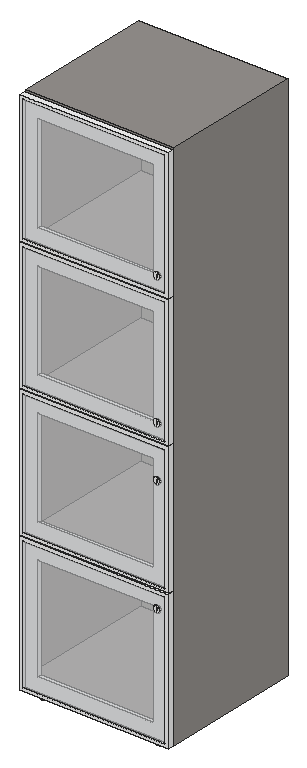
Revit family "Storage-Freestanding-Teknion-BFCG_Cubic_Tower_with_Glass_Doors-R2015", category Furniture, Revit 2015
Parameters (values of type "18"d x 18"w x 66"h")
  Warranty = "http://www.teknion.com/ca/papers/legal-canada"
  Wardrobe [instance] = not(or([Semi-Opened], Individual Doors))  # no
  Unit Weight URL = "http://www.teknion.com/ca/tools/assets#&asset=bee6a381-b954-425e-8283-5a2de3a804f2,f828d448-4b62-4231-9e5f-9a8991c0ed77"
  URL = "www.teknion.com"
  Third Lock [instance] = or(Individual Doors)  # yes
  Sustainability Data = "http://www.teknion.com/ca/tools/assets#&topic=216f99a5-57a0-44fc-b10a-9dee9b29ae4c&asset=444deb64-fe58-4b68-981e-f75e97781df7"
  Storage Style Note [instance] = "Please select one of the following. When Semi-Opened storage style is specified, Wardrobe configuration style is not available."  # constant formula
  Shelf Vertical Offset [instance] = if(Height = 66.000", 15.780", 17.860")  # 15.780"
  Shelf Hole Depth [instance] = if([Semi-Opened], 17.299", 0.500")  # 0.500"
  Shelf 1 & 2 Height Offset [instance] = if([Semi-Opened], 0.643", 0.292")  # 0.292"
  Series = "Expansion Casegoods"  # constant formula
  Semi-Opened [instance] = not(Fully Enclosed)  # no
  Second Shelf Visibility [instance] = if([Semi-Opened], 1 > 2, 1 < 2)  # yes
  Second Lock [instance] = if(and(Fully Enclosed, Individual Doors), 1 < 2, if((Wardrobe), 1 < 2, 1 > 2))  # yes
  Product Page URL = "http://www.teknion.com/ca/products/product-details?productlineid=0053336e-8e7a-673b-a6c8-ff00004460c4"
  Product Line = "Expansion Casegoods"  # constant formula
  Product Documentation Link = "http://www.teknion.com/pricing/expansion-casegoods/pdfs/BFCG_ppg.pdf"
  Part Number = "BFCG"  # constant formula
  Model = "BFCG__181866_"
  Manufacturer Phone = "416-661-3370"  # constant formula
  Manufacturer Fax = "416.661.4586"  # constant formula
  Manufacturer Contact Information = "http://www.teknion.com/ca/contactus"
  Manufacturer Address = "1150 Flint Road, Toronto, ON. M3J 2J5. Canada"  # constant formula
  Manufacturer = "Teknion"  # constant formula
  Individual Doors [instance] = yes
  Height = 66.000"
  Glass Finish [instance] = Glass - Teknion - FT - Frosted Glass
  Fully Enclosed [instance] = yes
  Frame Finish [instance] = Mica - Teknion - V - Satin - Very White
  Fourth Lock [instance] = or(Individual Doors, Wardrobe)  # yes
  First Lock [instance] = or(Individual Doors)  # yes
  Description = "Freestanding Cubic Tower with Glass Doors, 18\"d x 18\"w x 66\"h"
  Case Finish [instance] = Source Laminate - Teknion - DE - Latte
  Assembly Code = "E2020200"
  Actual Height = if(Height = 66.000", 65.165", 71.406")  # 65.165"
  2D Elevation Top and Bottom Second Door [instance] = not(Wardrobe)  # yes
Types (3): name | Shelf Vertical Offset | Model | Height | Description | Actual Height
  (no name) | 15.780" | "BFCG__181866_" | 66.000" | "Freestanding Cubic Tower with Glass Doors, 18\"d x 18\"w x 66\"h" | 65.165"
  18"d x 18"w x 66"h | 15.780" | "BFCG__181866_" | 66.000" | "Freestanding Cubic Tower with Glass Doors, 18\"d x 18\"w x 66\"h" | 65.165"
  18"d x 18"w x 72"h | 17.860" | "BFCG__181872_" | 72.000" | "Freestanding Cubic Tower with Glass Doors, 18\"d x 18\"w x 72\"h" | 71.406"
Reference planes (in)
  plane 1 "Center Front/Back": y = 0
  plane 2: z = 0
  plane 3 "Center Left/Right": x = 0
  plane 4 "Left": x = -8.955
  plane 5 "Right": x = 8.955
  plane 6 "Back": y = 8.58071
  plane 7 "Front": y = -8.58071
  plane 8 "Top": z = 65.165
  plane 9: z = 0.60236
  plane 10: y = -8.7185
  plane 11: y = -9.41929
  plane 12: z = 49.26689
  plane 13: z = 49.14961
  plane 14: z = 33.36961
  plane 15: z = 33.25197
  plane 16: z = 17.47197
  plane 17: z = 17.35433
  plane 18: z = 0.72047
  plane 19: z = 65.04689
  plane 20: x = -8.254
  plane 21: x = 8.254
  plane 22: y = 7.87971
  plane 23: y = -9.18307
  plane 24: z = 18.11417
  plane 25: z = 49.55889
  plane 26: z = 32.95997
Forms (in)
  Extrusion 1, solid, material "Source Laminate - Teknion - DE - Latte" <- "Case Finish"
    sketch origin (0, 0, 0) x (1, 0, 0) y (0, 1, 0)
      loop
        line (-8.955, 8.58071) -> (-8.955, -8.58071) -> (8.955, -8.58071) -> (8.955, 8.58071) -> (-8.955, 8.58071)
    from 0.60236 to 65.165
  Extrusion 2, solid, material "Mica - Teknion - V - Satin - Very White" <- "Frame Finish"
    sketch origin (-8.955, -8.7185, 48) x (-1, 0, 0) y (0, 0, 1)
      loop
        line (0, 17.04689) -> (-17.91, 17.04689) -> (-17.91, 1.26689) -> (0, 1.26689) -> (0, 17.04689)
      loop
        line (-17.53591, 16.67323) -> (-17.53591, 1.64173) -> (-0.37394, 1.64173) -> (-0.37394, 16.67323) -> (-17.53591, 16.67323)
    from 0 to -0.70079
  Extrusion 3, solid, material "Mica - Teknion - V - Satin - Very White" <- "Frame Finish", visible <- "Second Shelf Visibility"
    sketch origin (-8.955, -8.7185, 48) x (-1, 0, 0) y (0, 0, 1)
      loop
        line (-17.91, 1.14961) -> (-17.91, -14.63039) -> (0, -14.63039) -> (0, 1.14961) -> (-17.91, 1.14961)
      loop
        line (-0.37394, -14.25591) -> (-0.37394, 0.77559) -> (-17.53591, 0.77559) -> (-17.53591, -14.25591) -> (-0.37394, -14.25591)
    from 0 to -0.70079
  Extrusion 4, solid, material "Mica - Teknion - V - Satin - Very White" <- "Frame Finish"
    sketch origin (-8.955, -8.7185, 48) x (-1, 0, 0) y (0, 0, 1)
      loop
        line (0, -14.74803) -> (-17.91, -14.74803) -> (-17.91, -30.52803) -> (0, -30.52803) -> (0, -14.74803)
      loop
        line (-0.37394, -15.12205) -> (-17.53591, -15.12205) -> (-17.53591, -30.15354) -> (-0.37394, -30.15354) -> (-0.37394, -15.12205)
    from 0 to -0.70079
  Extrusion 5, solid, material "Mica - Teknion - V - Satin - Very White" <- "Frame Finish"
    sketch origin (-8.955, -8.7185, 48) x (-1, 0, 0) y (0, 0, 1)
      loop
        line (-17.91, -30.64567) -> (-17.91, -47.27953) -> (0, -47.27953) -> (0, -30.64567) -> (-17.91, -30.64567)
      loop
        line (-17.51622, -31.03937) -> (-17.51622, -46.88583) -> (-0.39362, -46.88583) -> (-0.39362, -31.03937) -> (-17.51622, -31.03937)
    from 0 to -0.70079
  Extrusion 6, void
    sketch origin (-8.955, -9.41929, 48) x (1, 0, 0) y (0, 0, 1)
      loop
        line (17.209, 1.14961) -> (0.701, 1.14961) -> (0.701, -14.63039) -> (17.209, -14.63039) -> (17.209, 1.14961)
    from -0.5 to 0
  Extrusion 7, solid, material "Mica - Teknion - V - Satin - Very White", visible <- "First Lock"
    sketch origin (-8.955, -9.41929, 48) x (-1, 0, 0) y (0, 0, 1)
      loop
        line (-16.62063, 3.50197) -> (-16.62063, 3.12795) -> (-16.5222, 3.12795) -> (-16.5222, 3.50197) -> (-16.62063, 3.50197)
      loop
        circle (-16.57142, 3.31496) r 0.40008
    from 0 to -0.05906
  Extrusion 8, solid, material "Mica - Teknion - V - Satin - Very White", visible <- "Second Lock"
    sketch origin (-8.955, -9.41929, 32.10272) x (-1, 0, 0) y (0, 0, 1)
      loop
        line (-16.62063, 3.50197) -> (-16.62063, 3.12795) -> (-16.5222, 3.12795) -> (-16.5222, 3.50197) -> (-16.62063, 3.50197)
      loop
        circle (-16.57142, 3.31496) r 0.40008
    from 0 to -0.05906
  Extrusion 9, solid, material "Mica - Teknion - V - Satin - Very White", visible <- "Third Lock"
    sketch origin (-8.955, -9.41929, 25.88583) x (-1, 0, 0) y (0, 0, 1)
      loop
        line (-16.62063, 3.50197) -> (-16.62063, 3.12795) -> (-16.5222, 3.12795) -> (-16.5222, 3.50197) -> (-16.62063, 3.50197)
      loop
        circle (-16.57142, 3.31496) r 0.40008
    from 0 to -0.05906
  Extrusion 10, solid, material "Mica - Teknion - V - Satin - Very White", visible <- "Fourth Lock"
    sketch origin (-8.955, -9.41929, 11.99213) x (-1, 0, 0) y (0, 0, 1)
      loop
        line (-16.62063, 3.50197) -> (-16.62063, 3.12795) -> (-16.5222, 3.12795) -> (-16.5222, 3.50197) -> (-16.62063, 3.50197)
      loop
        circle (-16.57142, 3.31496) r 0.40008
    from 0 to -0.05906
  Extrusion 11, solid, material "Plastic - Teknion - E - Ebony"
    sketch origin (0, 0, 0) x (1, 0, 0) y (0, 1, 0)
      loop
        circle (-6.99445, 7.27952) r 0.5
    from 0 to 0.60236
  Extrusion 12, solid, material "Plastic - Teknion - E - Ebony"
    sketch origin (0, 0, 0) x (-1, 0, 0) y (0, -1, 0)
      loop
        circle (-6.99445, -7.27952) r 0.5
    from 0 to 0.60236
  Extrusion 13, solid, material "Plastic - Teknion - E - Ebony"
    sketch origin (0, -0.75, 0) x (1, 0, 0) y (0, 1, 0)
      loop
        circle (-6.99445, -7.27952) r 0.5
    from 0 to 0.60236
  Extrusion 14, solid, material "Plastic - Teknion - E - Ebony"
    sketch origin (0, -0.75, 0) x (-1, 0, 0) y (0, -1, 0)
      loop
        circle (-6.99445, 7.27952) r 0.5
    from 0 to 0.60236
  Extrusion 15, solid, material "Glass - Teknion - FT - Frosted Glass" <- "Glass Finish"
    sketch origin (-8.955, -9.41929, 48) x (-1, 0, 0) y (0, 0, 1)
      loop
        line (-17.53591, 16.67323) -> (-17.53591, 1.64073) -> (-0.37394, 1.64073) -> (-0.37394, 16.67323) -> (-17.53591, 16.67323)
    from 0 to 0.23622
  Extrusion 16, solid, material "Mica - Teknion - V - Satin - Very White" <- "Frame Finish"
    sketch origin (-8.58106, -9.18307, 48) x (-1, 0, 0) y (0, 0, 1)
      loop
        line (-1.59449, 15.07874) -> (-15.56748, 15.07874) -> (-15.56748, 3.23522) -> (-1.59449, 3.23522) -> (-1.59449, 15.07874)
      loop
        line (0, 16.67323) -> (-17.16197, 16.67323) -> (-17.16197, 1.64073) -> (0, 1.64073) -> (0, 16.67323)
    from 0 to 0.46457
  Extrusion 17, solid, material "Glass - Teknion - FT - Frosted Glass" <- "Glass Finish", visible <- "Second Shelf Visibility"
    sketch origin (-8.58106, -9.18307, 48) x (-1, 0, 0) y (0, 0, 1)
      loop
        line (-17.16197, 0.77559) -> (-17.16197, -14.25591) -> (0, -14.25591) -> (0, 0.77559) -> (-17.16197, 0.77559)
    from -0.23622 to 0
  Extrusion 18, solid, material "Mica - Teknion - V - Satin - Very White" <- "Frame Finish", visible <- "Second Shelf Visibility"
    sketch origin (-8.58106, -9.18307, 32.10236) x (-1, 0, 0) y (0, 0, 1)
      loop
        line (-1.59449, 15.07874) -> (-15.56748, 15.07874) -> (-15.56748, 3.23622) -> (-1.59449, 3.23622) -> (-1.59449, 15.07874)
      loop
        line (0, 16.67323) -> (-17.16197, 16.67323) -> (-17.16197, 1.64173) -> (0, 1.64173) -> (0, 16.67323)
    from 0 to 0.46457
  Extrusion 19, solid, material "Glass - Teknion - FT - Frosted Glass" <- "Glass Finish"
    sketch origin (-8.58106, -9.18307, 32.10236) x (-1, 0, 0) y (0, 0, 1)
      loop
        line (-17.16197, 0.77559) -> (-17.16197, -14.25591) -> (0, -14.25591) -> (0, 0.77559) -> (-17.16197, 0.77559)
    from -0.23622 to 0
  Extrusion 20, solid, material "Mica - Teknion - V - Satin - Very White" <- "Frame Finish"
    sketch origin (-8.58106, -9.18307, 16.20472) x (-1, 0, 0) y (0, 0, 1)
      loop
        line (-1.59449, 15.07874) -> (-15.56748, 15.07874) -> (-15.56748, 3.23622) -> (-1.59449, 3.23622) -> (-1.59449, 15.07874)
      loop
        line (0, 16.67323) -> (-17.16197, 16.67323) -> (-17.16197, 1.64173) -> (0, 1.64173) -> (0, 16.67323)
    from 0 to 0.46457
  Extrusion 21, solid, material "Glass - Teknion - FT - Frosted Glass" <- "Glass Finish"
    sketch origin (-8.56138, -9.18307, 15.37008) x (-1, 0, 0) y (0, 0, 1)
      loop
        line (-17.1226, 1.59055) -> (-17.1226, -14.25591) -> (0, -14.25591) -> (0, 1.59055) -> (-17.1226, 1.59055)
    from -0.23622 to 0
  Extrusion 22, solid, material "Mica - Teknion - V - Satin - Very White" <- "Frame Finish"
    sketch origin (-8.56138, -9.18307, -0.52756) x (-1, 0, 0) y (0, 0, 1)
      loop
        line (-1.59449, 15.8937) -> (-15.52811, 15.8937) -> (-15.52811, 3.23622) -> (-1.59449, 3.23622) -> (-1.59449, 15.8937)
      loop
        line (0, 17.48819) -> (-17.1226, 17.48819) -> (-17.1226, 1.64173) -> (0, 1.64173) -> (0, 17.48819)
    from 0 to 0.46457
  Extrusion 23, void
    sketch origin (-8.58106, -9.18307, 48) x (1, 0, 0) y (0, 0, 1)
      loop
        line (0.32685, 16.46372) -> (0.32685, -29.88583) -> (16.83527, -29.88583) -> (16.83527, 16.46372) -> (0.32685, 16.46372)
    from -17.06278 to -0.60236
  Extrusion 24, void
    sketch origin (-8.58106, -9.18307, 48) x (1, 0, 0) y (0, 0, 1)
      loop
        line (0.32685, -30.58661) -> (0.32685, -45.50787) -> (16.83527, -45.50787) -> (16.83527, -30.58661) -> (0.32685, -30.58661)
    from -17.06278 to -0.60236
  Extrusion 25, solid, material "Source Laminate - Teknion - DE - Latte" <- "Case Finish", visible <- "Individual Doors"
    sketch origin (-8.58106, -9.18307, 48) x (-1, 0, 0) y (0, 0, 1)
      loop
        line (-0.32685, 1.55889) -> (-16.83527, 1.55889) -> (-16.83527, 0.8581) -> (-0.32685, 0.8581) -> (-0.32685, 1.55889)
    from 0.60236 to 17.06278
  Extrusion 26, solid, material "Source Laminate - Teknion - DE - Latte" <- "Case Finish", visible <- "Individual Doors"
    sketch origin (-8.58106, -9.18307, 32.10236) x (-1, 0, 0) y (0, 0, 1)
      loop
        line (-0.32706, 0.85761) -> (-0.32706, 1.55839) -> (-16.83506, 1.55839) -> (-16.83506, 0.85761) -> (-0.32706, 0.85761)
    from 0.60236 to 17.06278
Cuts and joins
  Extrusion 6, Extrusion 23, Extrusion 24 cuts Extrusion 1
  Extrusion 23 cuts Extrusion 2
  Extrusion 23 cuts Extrusion 3
  Extrusion 23 cuts Extrusion 4
  Extrusion 23 cuts Extrusion 7
  Extrusion 23 cuts Extrusion 8
  Extrusion 23 cuts Extrusion 9
  Extrusion 23 cuts Extrusion 15
  Extrusion 23 cuts Extrusion 16
  Extrusion 23 cuts Extrusion 17
  Extrusion 23 cuts Extrusion 18
  Extrusion 23 cuts Extrusion 19
  Extrusion 23 cuts Extrusion 20
  Extrusion 24 cuts Extrusion 5
  Extrusion 24 cuts Extrusion 10
  Extrusion 24 cuts Extrusion 21
  Extrusion 24 cuts Extrusion 22
Lines and regions (in)
  Masking region 1
    outline origin (0, 0, 0) x (1, 0, 0) y (0, 1, 0)
      loop
        line (6.65185, -9.47835) -> (8.01649, -9.47835) -> (8.01649, -9.41929) -> (6.65185, -9.41929) -> (6.65185, -9.47835)
  Masking region 2
    outline origin (0, 0, 0) x (1, 0, 0) y (0, 1, 0)
      loop
        line (-8.955, 8.58071) -> (-8.955, -9.41929) -> (8.955, -9.41929) -> (8.955, 8.58071) -> (-8.955, 8.58071)
  symbolic lines, style "FurnitureHiddenLines", detail levels fine
    curve 1: arc (-7.49445, 7.27952, 0) -> (-6.99445, 6.77952, 0) -> (-6.49445, 7.27952, 0) r 0.5
    curve 2: arc (-6.49445, 7.27952, 0) -> (-6.99445, 7.77952, 0) -> (-7.49445, 7.27952, 0) r 0.5
    curve 3: arc (6.49445, 7.27952, 0) -> (6.99445, 6.77952, 0) -> (7.49445, 7.27952, 0) r 0.5
    curve 4: arc (7.49445, 7.27952, 0) -> (6.99445, 7.77952, 0) -> (6.49445, 7.27952, 0) r 0.5
    curve 5: arc (-6.49445, -8.02952, 0) -> (-6.99445, -7.52952, 0) -> (-7.49445, -8.02952, 0) r 0.5
    curve 6: arc (-7.49445, -8.02952, 0) -> (-6.99445, -8.52952, 0) -> (-6.49445, -8.02952, 0) r 0.5
    curve 7: arc (7.49445, -8.02952, 0) -> (6.99445, -7.52952, 0) -> (6.49445, -8.02952, 0) r 0.5
    curve 8: arc (6.49445, -8.02952, 0) -> (6.99445, -8.52952, 0) -> (7.49445, -8.02952, 0) r 0.5
    curve 14: line (-8.56138, -9.41929, 0) -> (-8.56138, -8.7185, 0)
    curve 15: line (-8.58106, -9.18307, 0) -> (8.58091, -9.18307, 0)
    curve 16: line (8.58091, -8.7185, 0) -> (8.58091, -9.41929, 0)
    curve 17: line (6.98642, -8.7185, 0) -> (6.98642, -9.18307, 0)
    curve 18: line (-6.96689, -9.18307, 0) -> (-6.96689, -8.7185, 0)
  symbolic lines
    curve 9: line (-8.955, -8.58071, 0) -> (8.955, -8.58071, 0)
    curve 10: line (8.955, -8.7185, 0) -> (-8.955, -8.7185, 0)
  symbolic lines, style "FurnitureHiddenLines", visible <- "Semi-Opened", detail levels medium+fine
    curve 11: line (-8.254, -8.91929, 0) -> (-8.254, -8.58071, 0)
    curve 12: line (8.254, -8.91929, 0) -> (-8.254, -8.91929, 0)
    curve 13: line (8.254, -8.58071, 0) -> (8.254, -8.91929, 0)
  symbolic lines, style "FurnitureHiddenLines", detail levels medium+fine
    curve 19: line (-8.25421, 7.87971, 0) -> (-8.25421, -8.58071, 0)
    curve 20: line (8.25421, 7.87971, 0) -> (-8.25421, 7.87971, 0)
    curve 21: line (8.25421, -8.58071, 0) -> (8.25421, 7.87971, 0)
  symbolic lines, style "FurnitureHiddenLines", visible <- "2D Elevation Top and Bottom Second Door"
    curve 22: line (8.58091, -9.18307, 64.67323) -> (-8.955, -9.18307, 57.15698)
    curve 23: line (8.58091, -9.18307, 49.64073) -> (-8.955, -9.18307, 57.15698)
    curve 26: line (8.58091, -9.18307, 32.87795) -> (-8.58106, -9.18307, 25.3622)
    curve 27: line (-8.58106, -9.18307, 25.3622) -> (8.58091, -9.18307, 17.84646)
  symbolic lines, style "FurnitureHiddenLines", visible <- "Fully Enclosed"
    curve 24: line (8.58091, -9.18307, 48.77559) -> (-8.955, -9.18307, 41.25984)
    curve 25: line (-8.955, -9.18307, 41.25984) -> (8.58091, -9.18307, 33.74409)
  symbolic lines, style "FurnitureHiddenLines"
    curve 28: line (8.56122, -9.18307, 16.96063) -> (-8.56138, -9.18307, 9.0374)
    curve 29: line (-8.56138, -9.18307, 9.0374) -> (8.56122, -9.18307, 1.11417)
Dimensions and locks (in)
  locked: plane 4 "Left" to plane 5 "Right" at 17.91
  locked: plane 6 "Back" to plane 7 "Front" at 17.16142
  "Actual Height": plane 8 "Top" to level
  equal spacing: plane 4 "Left", plane 3 "Center Left/Right", plane 5 "Right"
  equal spacing: plane 7 "Front", plane 1 "Center Front/Back", plane 6 "Back"
  locked: plane 9 to plane 2 at 0.60236
  locked: plane 10 to plane 11 at 0.70079
  locked: plane 7 "Front" to plane 10 at 0.1378
  locked: plane 18 to plane 9 at 0.11811
  locked: plane 17 to level at 17.35433
  "Shelf Vertical Offset": plane 15 to plane 16
  "Shelf Vertical Offset": plane 13 to plane 14
  locked: plane 8 "Top" to plane 19 at 0.11811
  "Shelf Vertical Offset": plane 19 to plane 12
  locked: plane 14 to plane 15 at 0.11764
  locked: plane 16 to plane 17 at 0.11764
  locked: plane 20 to plane 4 "Left" at 0.701
  locked: plane 21 to plane 5 "Right" at 0.701
  locked: plane 22 to plane 6 "Back" at 0.701
  "Shelf Hole Depth": Extrusion 6 to plane 11
  locked: Extrusion 7 sketch curve to plane 12 at 2.04807
  locked: Extrusion 7 sketch curve to plane 5 "Right" at 1.33858
  Extrusion 7 sketch curve to Extrusion 7 sketch curve to plane 12 = 0.37402" locked, 1.86106" locked
  Extrusion 7 sketch curve to Extrusion 7 sketch curve to plane 5 "Right" = 0.09843" locked, 1.28937" locked
  locked: Extrusion 7 to plane 11 at 0.05906
  Extrusion 8 sketch curve to Extrusion 8 sketch curve to plane 14 = 0.37402" locked, 1.86106" locked
  Extrusion 8 sketch curve to Extrusion 8 sketch curve to plane 5 "Right" = 0.09843" locked, 1.28937" locked
  plane 15 to Extrusion 9 sketch curve to Extrusion 9 sketch curve = 3.86417" locked, 0.37402" locked
  Extrusion 9 sketch curve to Extrusion 9 sketch curve to plane 5 "Right" = 0.09843" locked, 1.28937" locked
  plane 17 to Extrusion 10 sketch curve to Extrusion 10 sketch curve = 1.86024" locked, 0.37402" locked
  Extrusion 10 sketch curve to Extrusion 10 sketch curve to plane 5 "Right" = 0.09843" locked, 1.28937" locked
  locked: Extrusion 8 sketch curve to plane 5 "Right" at 1.33858
  locked: Extrusion 9 sketch curve to plane 5 "Right" at 1.33858
  locked: Extrusion 10 sketch curve to plane 5 "Right" at 1.33858
  locked: plane 6 "Back" to Extrusion 11 sketch curve at 1.30119
  locked: plane 4 "Left" to Extrusion 11 sketch curve at 1.96055
  locked: plane 6 "Back" to Extrusion 12 sketch curve at 1.30119
  locked: Extrusion 12 sketch curve to plane 5 "Right" at 1.96055
  locked: Extrusion 13 sketch curve to plane 11 at 1.38977
  locked: plane 4 "Left" to Extrusion 13 sketch curve at 1.96055
  locked: Extrusion 14 sketch curve to plane 5 "Right" at 1.96055
  locked: Extrusion 14 sketch curve to plane 11 at 1.38977
  Masking region 1 sketch curve to Masking region 1 sketch curve to plane 5 "Right" = 1.36464" locked, 0.93851" locked
  locked: Extrusion 2 sketch curve to plane 5 "Right" at 0.37409
  plane 8 "Top" to Extrusion 2 sketch curve to Extrusion 2 sketch curve = 0.11811" locked, 0.37366" locked
  Extrusion 2 sketch curve to Extrusion 2 sketch curve to plane 13 = 0.37484" locked, 0.11728" locked
  locked: Extrusion 2 sketch curve to plane 4 "Left" at 0.37394
  locked: plane 23 to plane 11 at 0.23622
  locked: Extrusion 16 sketch curve to Extrusion 16 sketch curve at 1.59449  (x4)
  locked: Extrusion 3 sketch curve to plane 4 "Left" at 0.37394
  locked: plane 13 to Extrusion 3 sketch curve at 0.37402
  locked: Extrusion 3 sketch curve to plane 5 "Right" at 0.37409
  Extrusion 3 sketch curve to Extrusion 3 sketch curve to plane 15 = 0.37449" locked, 0.11764" locked
  locked: Extrusion 18 sketch curve to Extrusion 18 sketch curve at 1.59449  (x4)
  locked: Extrusion 4 sketch curve to plane 4 "Left" at 0.37394
  locked: Extrusion 4 sketch curve to plane 16 at 0.37449
  locked: Extrusion 4 sketch curve to plane 5 "Right" at 0.37409
  locked: plane 15 to Extrusion 4 sketch curve at 0.37402
  locked: Extrusion 20 sketch curve to Extrusion 20 sketch curve at 1.59449  (x4)
  locked: plane 17 to Extrusion 5 sketch curve at 0.3937
  locked: Extrusion 5 sketch curve to plane 4 "Left" at 0.39362
  locked: Extrusion 5 sketch curve to plane 18 at 0.3937
  locked: Extrusion 5 sketch curve to plane 5 "Right" at 0.39378
  locked: Extrusion 22 sketch curve to Extrusion 22 sketch curve at 1.59449  (x4)
  locked: plane 24 to plane 16 at 0.6422
  locked: plane 8 "Top" to Extrusion 23 sketch curve at 0.70128
  locked: Extrusion 23 sketch curve to plane 4 "Left" at 0.70079
  locked: Extrusion 23 sketch curve to plane 5 "Right" at 0.70079
  locked: Extrusion 24 sketch curve to plane 18 at 1.77165
  locked: Extrusion 24 sketch curve to plane 4 "Left" at 0.70079
  locked: Extrusion 24 sketch curve to plane 5 "Right" at 0.70079
  locked: plane 24 to Extrusion 24 sketch curve at 0.70079
  locked: Extrusion 25 sketch curve to plane 5 "Right" at 0.70079
  locked: Extrusion 25 sketch curve to plane 4 "Left" at 0.70079
  "Shelf 1 & 2 Height Offset": plane 25 to plane 12
  locked: plane 25 to Extrusion 25 sketch curve at 0.70079
  locked: Extrusion 26 sketch curve to Extrusion 26 sketch curve at 0.70079
  "Shelf 1 & 2 Height Offset": plane 15 to plane 26
  locked: plane 17 to Extrusion 21 sketch curve at 0.3937
  locked: Extrusion 21 sketch curve to plane 18 at 0.3937
  locked: plane 5 "Right" to Extrusion 21 sketch curve at 0.39378
  locked: plane 4 "Left" to Extrusion 21 sketch curve at 0.39362
  equal spacing: cut or joined group of Extrusion 17, Extrusion 23, curve 25, cut or joined group of Extrusion 17, Extrusion 23
  equal spacing: cut or joined group of Extrusion 15, Extrusion 23, curve 23, cut or joined group of Extrusion 15, Extrusion 23
  equal spacing: cut or joined group of Extrusion 19, Extrusion 23, curve 27, cut or joined group of Extrusion 19, Extrusion 23
  equal spacing: cut or joined group of Extrusion 21, Extrusion 24, curve 29, cut or joined group of Extrusion 21, Extrusion 24
  aligned and locked: level to plane 2
  aligned and locked: Extrusion 1 sketch curve to plane 4 "Left"
  aligned and locked: Extrusion 1 sketch curve to plane 6 "Back"
  aligned and locked: Extrusion 1 sketch curve to plane 5 "Right"
  aligned and locked: Extrusion 1 sketch curve to plane 7 "Front"
  aligned and locked: plane 8 "Top" to Extrusion 1
  aligned and locked: Extrusion 1 to plane 9
  aligned and locked: plane 4 "Left" to Extrusion 2 sketch curve
  aligned and locked: Extrusion 2 sketch curve to plane 5 "Right"
  aligned and locked: Extrusion 3 sketch curve to plane 13
  aligned and locked: plane 4 "Left" to Extrusion 3 sketch curve
  aligned and locked: Extrusion 3 sketch curve to plane 5 "Right"
  aligned and locked: plane 4 "Left" to Extrusion 4 sketch curve
  aligned and locked: Extrusion 4 sketch curve to plane 15
  aligned and locked: Extrusion 4 sketch curve to plane 5 "Right"
  aligned and locked: Extrusion 4 sketch curve to plane 16
  aligned and locked: Extrusion 5 sketch curve to plane 17
  aligned and locked: plane 4 "Left" to Extrusion 5 sketch curve
  aligned and locked: Extrusion 5 sketch curve to plane 5 "Right"
  aligned and locked: Extrusion 5 sketch curve to plane 18
  aligned and locked: Extrusion 2 to plane 11
  aligned and locked: Extrusion 3 to plane 11
  aligned and locked: Extrusion 4 to plane 11
  aligned and locked: Extrusion 5 to plane 11
  aligned and locked: Extrusion 2 to plane 10  (x2)
  aligned and locked: Extrusion 3 to plane 10
  aligned and locked: Extrusion 4 to plane 10
  aligned and locked: Extrusion 5 to plane 10
  aligned and locked: Extrusion 6 sketch curve to plane 13
  aligned and locked: Extrusion 6 sketch curve to plane 14
  aligned and locked: Extrusion 6 sketch curve to plane 20
  aligned and locked: Extrusion 6 sketch curve to plane 21
  aligned and locked: Extrusion 6 to plane 11
  aligned and locked: Extrusion 7 to plane 11
  aligned and locked: curve 1 to Extrusion 11
  aligned and locked: curve 2 to Extrusion 11
  aligned and locked: curve 3 to Extrusion 12
  aligned and locked: curve 4 to Extrusion 12
  aligned and locked: curve 5 to Extrusion 13
  aligned and locked: curve 6 to Extrusion 13
  aligned and locked: curve 7 to Extrusion 14
  aligned and locked: curve 8 to Extrusion 14
  aligned and locked: Masking region 1 sketch curve to plane 11
  aligned and locked: Extrusion 14 to plane 9
  aligned and locked: Extrusion 12 to plane 9
  aligned and locked: Extrusion 13 to plane 9
  aligned and locked: Extrusion 11 to plane 9
  aligned and locked: Extrusion 13 to plane 2
  aligned and locked: Extrusion 11 to plane 2
  aligned and locked: Extrusion 14 to plane 2
  aligned and locked: Extrusion 12 to plane 2
  aligned and locked: Masking region 2 sketch curve to plane 6 "Back"
  aligned and locked: Masking region 2 sketch curve to plane 4 "Left"
  aligned and locked: Masking region 2 sketch curve to plane 5 "Right"
  aligned and locked: Masking region 2 sketch curve to plane 11
  aligned and locked: Extrusion 15 to plane 11
  aligned and locked: plane 23 to Extrusion 15
  aligned and locked: Extrusion 16 sketch curve to Extrusion 15  (x4)
  aligned and locked: plane 10 to Extrusion 16
  aligned and locked: Extrusion 16 to plane 23
  aligned and locked: Extrusion 17 sketch curve to Extrusion 3  (x4)
  aligned and locked: Extrusion 17 to plane 11
  aligned and locked: plane 23 to Extrusion 17
  aligned and locked: Extrusion 18 sketch curve to Extrusion 17  (x4)
  aligned and locked: plane 10 to Extrusion 18
  aligned and locked: Extrusion 18 to plane 23
  aligned and locked: Extrusion 20 sketch curve to Extrusion 19  (x4)
  aligned and locked: Extrusion 19 sketch curve to Extrusion 4  (x4)
  aligned and locked: Extrusion 22 sketch curve to Extrusion 21  (x4)
  aligned and locked: Extrusion 23 sketch curve to plane 24
  aligned and locked: Extrusion 23 to plane 22
  aligned and locked: plane 7 "Front" to Extrusion 23
  aligned and locked: Extrusion 24 to plane 22
  aligned and locked: plane 7 "Front" to Extrusion 24
  aligned and locked: Extrusion 25 to plane 22
  aligned and locked: plane 7 "Front" to Extrusion 25
  aligned and locked: Extrusion 26 sketch curve to plane 20
  aligned and locked: Extrusion 26 sketch curve to plane 21
  aligned and locked: Extrusion 26 to plane 22
  aligned and locked: plane 7 "Front" to Extrusion 26
  aligned and locked: cut or joined group of Extrusion 22, Extrusion 24 to curve 18
  aligned and locked: curve 19 to cut or joined group of Extrusion 1, Extrusion 6, Extrusion 23, Extrusion 24
  aligned and locked: curve 20 to cut or joined group of Extrusion 1, Extrusion 6, Extrusion 23, Extrusion 24
  aligned and locked: curve 21 to cut or joined group of Extrusion 1, Extrusion 6, Extrusion 23, Extrusion 24
  aligned and locked: Extrusion 15 to cut or joined group of Extrusion 2, Extrusion 23
  aligned and locked: Extrusion 25 sketch curve to plane 25
  aligned and locked: Extrusion 26 sketch curve to plane 26
  aligned and locked: cut or joined group of Extrusion 20, Extrusion 23 to plane 23
  aligned and locked: cut or joined group of Extrusion 22, Extrusion 24 to plane 23
  aligned and locked: nested 1 to plane 3 "Center Left/Right"
  aligned and locked: nested 1 to plane 11
  aligned and locked: curve 22 to cut or joined group of Extrusion 15, Extrusion 23
  aligned and locked: cut or joined group of Extrusion 15, Extrusion 23 to curve 22
  aligned and locked: curve 23 to cut or joined group of Extrusion 2, Extrusion 23
  aligned and locked: cut or joined group of Extrusion 15, Extrusion 23 to curve 23
  aligned and locked: curve 23 to cut or joined group of Extrusion 15, Extrusion 23
  aligned and locked: curve 24 to cut or joined group of Extrusion 3, Extrusion 23
  aligned and locked: curve 24 to cut or joined group of Extrusion 17, Extrusion 23
  aligned and locked: cut or joined group of Extrusion 17, Extrusion 23 to curve 24
  aligned and locked: curve 25 to cut or joined group of Extrusion 17, Extrusion 23
  aligned and locked: cut or joined group of Extrusion 17, Extrusion 23 to curve 25
  aligned and locked: curve 26 to cut or joined group of Extrusion 19, Extrusion 23
  aligned and locked: cut or joined group of Extrusion 19, Extrusion 23 to curve 26
  aligned and locked: curve 27 to cut or joined group of Extrusion 19, Extrusion 23
  aligned and locked: cut or joined group of Extrusion 19, Extrusion 23 to curve 27
  aligned and locked: cut or joined group of Extrusion 4, Extrusion 23 to curve 27
  aligned and locked: curve 28 to cut or joined group of Extrusion 5, Extrusion 24
  aligned and locked: cut or joined group of Extrusion 21, Extrusion 24 to curve 28
  aligned and locked: curve 28 to cut or joined group of Extrusion 21, Extrusion 24
  aligned and locked: curve 29 to cut or joined group of Extrusion 21, Extrusion 24
  aligned and locked: cut or joined group of Extrusion 21, Extrusion 24 to curve 29
Automatic sketch dimensions
  curve 9 to plane 4 "Left" = 0.000"
  curve 10 to plane 4 "Left" = 0.000"
  curve 12 to plane 20 = 0.000"
  curve 12 to plane 21 = 0.000"
  curve 9 to plane 5 "Right" = 0.000"
  curve 10 to plane 5 "Right" = 0.000"
  curve 10 to plane 10 = 0.000"
  plane 7 "Front" to curve 13 = 0.000"
  curve 12 to plane 10 = 0.20079"
  Extrusion 8 sketch curve to Extrusion 8 sketch curve = 0.18701"
  Extrusion 9 sketch curve to Extrusion 9 sketch curve = 0.18701"
  Extrusion 10 sketch curve to Extrusion 10 sketch curve = 0.18701"
  Masking region 1 sketch curve to Masking region 1 sketch curve = 0.05906"
  curve 14 to plane 11 = 0.000"
  curve 14 to plane 20 = 0.30738"
  curve 15 to curve 14 = 0.01969"
  curve 16 to plane 11 = 0.000"
  curve 16 to plane 21 = 0.32691"
  Extrusion 15 sketch curve to plane 21 = 0.32691"
  Extrusion 15 sketch curve to plane 20 = 0.32706"
  Extrusion 15 sketch curve to plane 12 = 0.37384"
  Extrusion 15 sketch curve to plane 19 = 0.37366"
  curve 17 to plane 23 = 0.000"
  curve 17 to curve 7 = 0.00803"
  radius of Extrusion 7 sketch curve = 0.40008"
  radius of Extrusion 8 sketch curve = 0.40008"
  radius of Extrusion 9 sketch curve = 0.40008"
  radius of Extrusion 10 sketch curve = 0.40008"
  radius of Extrusion 11 sketch curve = 0.500"
  radius of Extrusion 12 sketch curve = 0.500"
  radius of Extrusion 13 sketch curve = 0.500"
  radius of Extrusion 14 sketch curve = 0.500"
Nested families (in)
  nested 1: "Door-Swing_Symbol-Teknion-2D" at (0, -9.41929, 66.075) x (-1, 0, 0) z (0, 0, 1), type "Door-Swing_Symbol-Teknion-2D", detail levels fine
    with Swing Width 17.910"
Definition of nested family "Door-Swing_Symbol-Teknion-2D"
  Parameters (values of type "Door-Swing_Symbol-Teknion-2D")
    Swing Width [instance] = 13.4325"
  Reference planes (in)
    plane 1 "Center (Front/Back)": y = 0
    plane 2: z = 0
    plane 3 "Center (Left/Right)": x = 0
    plane 4: x = -6.71625
    plane 5: x = 6.71625
  Lines and regions (in)
    detail lines, in view "Ref. Level"
      curve 1: line (6.71625, 0, 0) -> (6.71625, -13.4325, 0)
      curve 2: arc (-6.71625, 0, 0) -> (-2.78196, -9.49821, 0) -> (6.71625, -13.4325, 0) r 13.4325
  Dimensions and locks (in)
    equal spacing: plane 4, plane 3 "Center (Left/Right)", plane 5
    "Swing Width": plane 4 to plane 5
    "Swing Width": curve 1 to plane 1 "Center (Front/Back)"
    "Swing Width": radius of curve 2
    aligned and locked: plane 1 "Center (Front/Back)" to curve 1
  Automatic sketch dimensions
    curve 2 to plane 4 = 0.000"
